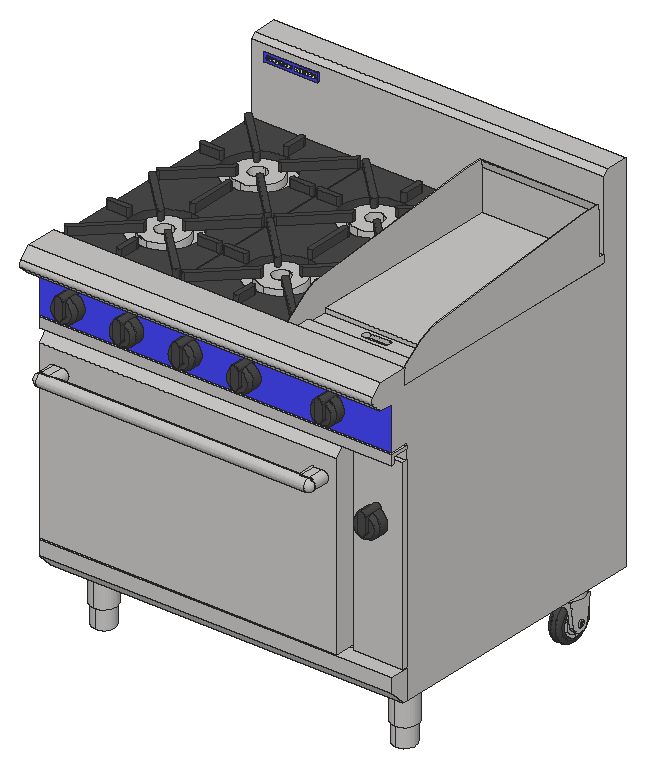
Revit family "QF_MOFFAT_BLUESEAL_CE_G506C", category Specialty Equipment, Revit 2012
Parameters
  Width = 900 mm  # constant formula
  Weight in Pounds = 460
  URL Cutsheet = "www.moffat.com"
  URL = "www.moffat.com"
  Type Mark [instance] = ""
  Status [instance] = ""
  Specification by User [instance] = ""
  Specification by Manufacturer = ""
  Show Logo [instance] = yes
  Show Clearance [instance] = yes
  Show Casters [instance] = yes
  Serial Number = ""
  Seismic Rating = ""
  SMACNA No = ""
  Revision Code [instance] = ""
  Omniclass Number and Title = ""
  NAFEM Spec ID Number = ""
  Model = "G506C"
  Mechanical Remarks = ""
  Mechanical Connection Type [instance] = ""
  Masterspec = ""
  Manufacturer = "MOFFAT BLUESEAL"
  Legs [instance] = not(Show Casters)  # no
  Item Number [instance] = ""
  Installed By [instance] = ""
  Identify Quantity as Lot [instance] = yes
  Height = 970 mm  # constant formula
  Gas Size = 3/4"
  Gas RI Height [instance] = 0 mm
  Gas KW [instance] = 45
  Gas Input [instance] = 153546.0 Btu/h
  Gas Connection Height = 0 mm
  Furnished By [instance] = ""
  Foodservice Equipment Identifier [instance] = yes
  Description = "900MM GAS RANGE WITH STATIC OVEN"
  Depth = 812 mm  # constant formula
  CSI MasterFormat = ""
  CSI Master Format = ""
  Body Finish = QF_Finishes_Stainless Steel
Reference planes
  plane 1 "BACK": y = 0
  plane 2: z = 0
  plane 3 "LEFT": x = 0
  plane 4 "RIGHT": x = 900
  plane 5 "FRONT": y = -812
  plane 6 "TOP": z = 970
  plane 7 "Center Y": x = 450
  plane 8 "Center X": y = -406
  plane 9: x = 280
  plane 10: y = -574.272
  plane 11: x = 60
  plane 12: y = -304.972
  plane 13: y = -364.972
  plane 14: x = 74
  plane 15: y = -812
  plane 16: x = 834.5
  plane 17: y = -32
  plane 18: z = 655
  plane 19: y = -100
  plane 20: z = 1085
  plane 21: y = -705
  plane 22: x = 65.8
  plane 23: x = 534.2
Forms (mm)
  Extrusion 1, solid, material "QF_Finishes_Stainless Steel" <- "Body Finish"
    sketch origin (0, 0, 0) x (0, 1, 0) y (0, 0, 1)
      loop
        line (0, 150) -> (0, 1085) -> (-57.5, 1085) -> (-70, 1072.5) -> (-70, 875) -> (-705, 875) -> (-705, 915) -> (-783.97, 915) -> (-808.476, 890.494)
        arc (-808.476, 890.494) -> (-811.994, 882) -> (-808.476, 873.506) r 12.013
        line (-808.476, 873.506) -> (-784.97, 850) -> (-749, 850) -> (-749, 740) -> (-699, 740) -> (-699, 150) -> (0, 150)
    from 0 to 900
  Extrusion 2, solid, material "QF_Finishes_Stainless Steel"
    sketch origin (0, 7, 0) x (0, 1, 0) y (0, 0, 1)
      loop
        line (-706, 700) -> (-732, 700) -> (-756, 676) -> (-756, 227.5) -> (-706, 227.5) -> (-706, 700)
    from 0 to 760
  Extrusion 3, solid, material "QF_Finishes_Stainless Steel"
    sketch origin (723.5, 7, 0) x (0, 1, 0) y (0, 0, 1)
      loop
        line (-706, 700) -> (-721, 700) -> (-721, 227.5) -> (-706, 227.5) -> (-706, 700)
    from 51.5 to 176.5
  Revolve 4, solid, material "QF_Finishes_Stainless Steel" <- "Body Finish"
    sketch origin (834.5, -696.126, 0) x (0, 1, 0) y (0, 0, -1)
      loop
        line (39.376, -150) -> (71.126, -150) -> (71.126, 0) -> (43.626, 0) -> (43.626, -50) -> (39.376, -50) -> (39.376, -150)
      axis (71.126, -150) -> (71.126, 0)
    angle from 0 to 360
  Revolve 5, solid, material "QF_Finishes_Stainless Steel" <- "Body Finish"
    sketch origin (65.5, -696.126, 0) x (0, 1, 0) y (0, 0, 1)
      loop
        line (39.376, 150) -> (39.376, 50) -> (43.626, 50) -> (43.626, 0) -> (71.126, 0) -> (71.126, 150) -> (39.376, 150)
      axis (71.126, 150) -> (71.126, 0)
    angle from 0 to 360
  Extrusion 6, solid, material "QF_Finishes_Stainless Steel"
    sketch origin (-64.5, 0, 325) x (1, 0, 0) y (0, 1, 0)
      loop
        circle (834.5, -32) r 10
    from 330 to 371
  Revolve 7, solid, material "QF_Finishes_Black"
    sketch origin (754.351, 45.874, -0.118) x (0, 1, 0) y (0, 0, 1)
      loop
        line (-827.874, 829.5) -> (-838.874, 823.651) -> (-838.874, 797) -> (-794.874, 797) -> (-794.874, 802) -> (-804.874, 802) -> (-804.874, 829.5) -> (-827.874, 829.5)
      axis (-838.874, 797) -> (-794.874, 797)
    angle from 0 to 360
  Revolve 8, solid, material "QF_Finishes_Black"
    sketch origin (90.649, 45.874, -0.118) x (0, 1, 0) y (0, 0, -1)
      loop
        line (-827.874, -829.5) -> (-804.874, -829.5) -> (-804.874, -802) -> (-794.874, -802) -> (-794.874, -797) -> (-838.874, -797) -> (-838.874, -823.651) -> (-827.874, -829.5)
      axis (-838.874, -797) -> (-794.874, -797)
    angle from 0 to 360
  Revolve 9, solid, material "QF_Finishes_Black"
    sketch origin (240.649, 45.874, -0.118) x (0, 1, 0) y (0, 0, -1)
      loop
        line (-827.874, -829.5) -> (-804.874, -829.5) -> (-804.874, -802) -> (-794.874, -802) -> (-794.874, -797) -> (-838.874, -797) -> (-838.874, -823.651) -> (-827.874, -829.5)
      axis (-838.874, -797) -> (-794.874, -797)
    angle from 0 to 360
  Revolve 10, solid, material "QF_Finishes_Black"
    sketch origin (390.625, 45.874, -0.118) x (0, 1, 0) y (0, 0, -1)
      loop
        line (-827.874, -829.5) -> (-804.874, -829.5) -> (-804.874, -802) -> (-794.874, -802) -> (-794.874, -797) -> (-838.874, -797) -> (-838.874, -823.651) -> (-827.874, -829.5)
      axis (-838.874, -797) -> (-794.874, -797)
    angle from 0 to 360
  Extrusion 11, solid, material "QF_Finishes_Black"
    sketch origin (238.456, 7, -0.118) x (-1, 0, 0) y (0, 0, -1)
      loop
        arc (158.3, -789) -> (148.3, -779) -> (138.3, -789) r 10
        line (138.3, -789) -> (138.3, -824)
        arc (138.3, -824) -> (148.3, -834) -> (158.3, -824) r 10
        line (158.3, -824) -> (158.3, -789)
    from 759 to 808
  Extrusion 12, solid, material "QF_Finishes_Black"
    sketch origin (388.456, 7, -0.118) x (-1, 0, 0) y (0, 0, -1)
      loop
        arc (158.3, -789) -> (148.3, -779) -> (138.3, -789) r 10
        line (138.3, -789) -> (138.3, -824)
        arc (138.3, -824) -> (148.3, -834) -> (158.3, -824) r 10
        line (158.3, -824) -> (158.3, -789)
    from 759 to 808
  Extrusion 13, solid, material "QF_Finishes_Black"
    sketch origin (606.544, 7, -0.118) x (1, 0, 0) y (0, 0, 1)
      loop
        line (158.3, 789) -> (158.3, 824)
        arc (158.3, 824) -> (148.3, 834) -> (138.3, 824) r 10
        line (138.3, 824) -> (138.3, 789)
        arc (138.3, 789) -> (148.3, 779) -> (158.3, 789) r 10
    from 759 to 808
  Extrusion 14, solid, material "QF_Finishes_Black"
    sketch origin (538.432, 7, -0.118) x (-1, 0, 0) y (0, 0, -1)
      loop
        arc (158.3, -789) -> (148.3, -779) -> (138.3, -789) r 10
        line (138.3, -789) -> (138.3, -824)
        arc (138.3, -824) -> (148.3, -834) -> (158.3, -824) r 10
        line (158.3, -824) -> (158.3, -789)
    from 759 to 808
  Extrusion 15, solid, material "QF_Finishes_Black"
    sketch origin (688.432, 7, -0.118) x (-1, 0, 0) y (0, 0, -1)
      loop
        arc (158.3, -789) -> (148.3, -779) -> (138.3, -789) r 10
        line (138.3, -789) -> (138.3, -824)
        arc (138.3, -824) -> (148.3, -834) -> (158.3, -824) r 10
        line (158.3, -824) -> (158.3, -789)
    from 759 to 808
  Revolve 16, solid, material "QF_Finishes_Black"
    sketch origin (836.851, 80.874, -245.743) x (0, 1, 0) y (0, 0, 1)
      loop
        line (-827.874, 829.5) -> (-838.874, 823.651) -> (-838.874, 797) -> (-794.874, 797) -> (-794.874, 802) -> (-804.874, 802) -> (-804.874, 829.5) -> (-827.874, 829.5)
      axis (-838.874, 797) -> (-794.874, 797)
    angle from 0 to 360
  Extrusion 17, solid, material "QF_Finishes_Black"
    sketch origin (689.044, 42, -245.743) x (1, 0, 0) y (0, 0, 1)
      loop
        line (158.3, 789) -> (158.3, 824)
        arc (158.3, 824) -> (148.3, 834) -> (138.3, 824) r 10
        line (138.3, 824) -> (138.3, 789)
        arc (138.3, 789) -> (148.3, 779) -> (158.3, 789) r 10
    from 759 to 808
  Extrusion 18, solid, material "QF_Door-Drawer Clearances", visible <- "Show Clearance", detail levels coarse
    sketch origin (0, 7, 0) x (0, -1, 0) y (0, 0, 1)
      loop
        line (756, 697.347) -> (756, 227.5) -> (1225.847, 227.5)
        arc (1225.847, 227.5) -> (1088.232, 559.732) -> (756, 697.347) r 469.847
    from 0 to -760
  Extrusion 19, void
    sketch origin (0, 0, 220) x (1, 0, 0) y (0, 1, 0)
      loop
        line (824, -87) -> (824, 0) -> (694, 0) -> (694, -39) -> (744, -87) -> (824, -87)
    from 0 to 476
  Revolve 20, solid, material "QF_Finishes_Black"
    sketch origin (540.625, 45.874, -0.118) x (0, 1, 0) y (0, 0, -1)
      loop
        line (-827.874, -829.5) -> (-804.874, -829.5) -> (-804.874, -802) -> (-794.874, -802) -> (-794.874, -797) -> (-838.874, -797) -> (-838.874, -823.651) -> (-827.874, -829.5)
      axis (-838.874, -797) -> (-794.874, -797)
    angle from 0 to 360
  Extrusion 21, solid, material "QF_Finishes_Stainless Steel"
    sketch origin (0, -749, 227.5) x (0, 0, 1) y (-1, 0, 0)
      loop
        line (380.625, -38.246) -> (380.625, -58.528)
        arc (380.625, -58.528) -> (395.625, -73.528) -> (410.625, -58.528) r 15
        line (410.625, -58.528) -> (410.625, -38.246)
        arc (410.625, -38.246) -> (395.625, -23.246) -> (380.625, -38.246) r 15
      loop
        arc (380.625, -723.039) -> (395.625, -738.039) -> (410.625, -723.039) r 15
        line (410.625, -723.039) -> (410.625, -702.757)
        arc (410.625, -702.757) -> (395.625, -687.757) -> (380.625, -702.757) r 15
        line (380.625, -702.757) -> (380.625, -723.039)
    from 0 to 44
  Revolve 22, solid, material "QF_Finishes_Stainless Steel"
    sketch origin (0, -793, 0) x (1, 0, 0) y (0, 0, 1)
      loop
        arc (738.039, 623.125) -> (733.646, 633.732) -> (723.039, 638.125) r 15
        line (723.039, 638.125) -> (38.246, 638.125)
        arc (38.246, 638.125) -> (27.64, 633.732) -> (23.246, 623.125) r 15
        line (23.246, 623.125) -> (738.039, 623.125)
      axis (738.039, 623.125) -> (23.246, 623.125)
    angle from 0 to 360
  Extrusion 23, solid, material "QF_Finishes_Stainless Steel" <- "Body Finish"
    sketch origin (0, 7, 0) x (0, 1, 0) y (0, 0, 1)
      loop
        line (-756, 710) -> (-747.224, 710) -> (-749.613, 726.999) -> (-707.93, 726.999) -> (-707.93, 734.003) -> (-756, 734.003) -> (-756, 710)
    from 0 to 900
  Extrusion 24, solid, material "QF_Finishes_Stainless Steel" <- "Body Finish"
    sketch origin (0, 4.73, 0) x (0, 1, 0) y (0, 0, 1)
      loop
        line (-753.73, 222.5) -> (-753.73, 186) -> (-717.73, 150) -> (-703.73, 150) -> (-703.73, 222.5) -> (-753.73, 222.5)
    from 0 to 900
  Extrusion 25, solid, material "QF_Finishes_Stainless Steel", visible <- "Show Casters"
    sketch origin (71.501, 133.353, -8.783) x (0, 1, 0) y (0, 0, 1)
      loop
        line (-201.603, 118.783) -> (-265.103, 118.783) -> (-252.746, 53.895)
        arc (-252.746, 53.895) -> (-233.353, 38.783) -> (-213.959, 53.895) r 20
        line (-213.959, 53.895) -> (-201.603, 118.783)
    from -35.667 to 22.923
  Revolve 26, solid, material "QF_Finishes_Stainless Steel", visible <- "Show Casters"
    sketch origin (65, -203, 0) x (0, 1, 0) y (0, 0, 1)
      loop
        line (67.25, 150) -> (67.25, 110) -> (103, 110) -> (103, 150) -> (67.25, 150)
      axis (103, 150) -> (103, 110)
    angle from 0 to 360
  Revolve 27, solid, material "QF_Finishes_Stainless Steel", visible <- "Show Casters"
    sketch origin (834.5, -203, 0) x (0, 1, 0) y (0, 0, -1)
      loop
        line (67.25, -150) -> (103, -150) -> (103, -110) -> (67.25, -110) -> (67.25, -150)
      axis (103, -150) -> (103, -110)
    angle from 0 to 360
  Revolve 28, solid, material "QF_Finishes_Stainless Steel", visible <- "Show Casters"
    sketch origin (785.276, -99.755, -13.653) x (1, 0, 0) y (0, 0, 1)
      loop
        line (14.841, 64.453) -> (83.584, 64.453) -> (83.584, 67.958) -> (82.314, 69.228) -> (80.79, 69.228) -> (80.79, 72.674) -> (68.644, 72.674) -> (68.644, 82.639) -> (65.088, 84.692) -> (63.738, 93.028) -> (65.881, 93.028) -> (65.881, 99.378) -> (65.088, 99.378) -> (65.088, 105.728)
        arc (65.088, 105.728) -> (62.298, 112.463) -> (55.563, 115.253) r 9.525
        line (55.563, 115.253) -> (42.863, 115.253)
        arc (42.863, 115.253) -> (36.127, 112.463) -> (33.338, 105.728) r 9.525
        line (33.338, 105.728) -> (33.338, 99.378) -> (32.544, 99.378) -> (32.544, 93.028) -> (34.687, 93.028) -> (33.352, 84.781) -> (29.782, 82.719) -> (29.782, 72.674) -> (17.635, 72.674) -> (17.635, 69.228) -> (16.111, 69.228) -> (14.841, 67.958) -> (14.841, 64.453)
      axis (14.841, 64.453) -> (83.584, 64.453)
    angle from 0 to 360
  Extrusion 29, solid, material "QF_Finishes_Stainless Steel", visible <- "Show Casters"
    sketch origin (841.001, 133.353, -8.783) x (0, 1, 0) y (0, 0, 1)
      loop
        line (-201.603, 118.783) -> (-265.103, 118.783) -> (-252.746, 53.895)
        arc (-252.746, 53.895) -> (-233.353, 38.783) -> (-213.959, 53.895) r 20
        line (-213.959, 53.895) -> (-201.603, 118.783)
    from -35.667 to 22.923
  Revolve 30, solid, material "QF_Finishes_Stainless Steel", visible <- "Legs"
    sketch origin (65, -165, 0) x (0, 1, 0) y (0, 0, 1)
      loop
        line (33.25, 150) -> (33.25, 50) -> (37.5, 50) -> (37.5, 0) -> (65, 0) -> (65, 150) -> (33.25, 150)
      axis (65, 150) -> (65, 0)
    angle from 0 to 360
  Revolve 31, solid, material "QF_Finishes_Stainless Steel", visible <- "Legs"
    sketch origin (834.5, -165, 0) x (0, 1, 0) y (0, 0, -1)
      loop
        line (33.25, -150) -> (65, -150) -> (65, 0) -> (37.5, 0) -> (37.5, -50) -> (33.25, -50) -> (33.25, -150)
      axis (65, -150) -> (65, 0)
    angle from 0 to 360
  Revolve 32, solid, material "QF_Finishes_Stainless Steel", visible <- "Show Casters"
    sketch origin (114.224, -99.755, -13.653) x (-1, 0, 0) y (0, 0, -1)
      loop
        line (14.841, -64.453) -> (14.841, -67.958) -> (16.111, -69.228) -> (17.635, -69.228) -> (17.635, -72.674) -> (29.782, -72.674) -> (29.782, -82.719) -> (33.352, -84.781) -> (34.687, -93.028) -> (32.544, -93.028) -> (32.544, -99.378) -> (33.338, -99.378) -> (33.338, -105.728)
        arc (33.338, -105.728) -> (36.127, -112.463) -> (42.863, -115.253) r 9.525
        line (42.863, -115.253) -> (55.563, -115.253)
        arc (55.563, -115.253) -> (62.298, -112.463) -> (65.088, -105.728) r 9.525
        line (65.088, -105.728) -> (65.088, -99.378) -> (65.881, -99.378) -> (65.881, -93.028) -> (63.738, -93.028) -> (65.088, -84.692) -> (68.644, -82.639) -> (68.644, -72.674) -> (80.79, -72.674) -> (80.79, -69.228) -> (82.314, -69.228) -> (83.584, -67.958) -> (83.584, -64.453) -> (14.841, -64.453)
      axis (14.841, -64.453) -> (83.584, -64.453)
    angle from 0 to 360
  Extrusion 33, solid, material "QF_Finishes_Black"
    sketch origin (0, -70, 875) x (0, -1, 0) y (1, 0, 0)
      loop
        arc (1, 4) -> (1.879, 1.879) -> (4, 1) r 3
        line (4, 1) -> (632, 1)
        arc (632, 1) -> (634.121, 1.879) -> (635, 4) r 3
        line (635, 4) -> (635, 297)
        arc (635, 297) -> (634.121, 299.121) -> (632, 300) r 3
        line (632, 300) -> (4, 300)
        arc (4, 300) -> (1.879, 299.121) -> (1, 297) r 3
        line (1, 297) -> (1, 4)
      loop
        circle (167.5, 150) r 85
      loop
        circle (467.768, 150) r 85
    from 0 to 19.5
  Extrusion 34, solid, material "QF_Finishes_Black"
    sketch origin (0, -73.5, 894.5) x (0, -1, 0) y (1, 0, 0)
      loop
        spline (323.602, 15.153) -> (322.681, 13.924) -> (322.131, 12.47) -> (321.99, 10.89) -> (322.267, 9.292) -> (322.943, 7.786) -> (323.973, 6.473) -> (325.286, 5.443) -> (326.792, 4.767) -> (328.39, 4.49) -> (329.97, 4.631) -> (331.424, 5.181) -> (332.653, 6.102)
        line (332.653, 6.102) -> (440.576, 114.025)
        spline (440.576, 114.025) -> (441.337, 115.095) -> (441.738, 116.399) -> (441.751, 117.851) -> (441.375, 119.35) -> (440.637, 120.795) -> (439.586, 122.086) -> (438.295, 123.137) -> (436.85, 123.875) -> (435.351, 124.251) -> (433.899, 124.238) -> (432.595, 123.837) -> (431.525, 123.076)
        line (431.525, 123.076) -> (323.602, 15.153)
      loop
        spline (371.852, 143.6) -> (373.146, 143.818) -> (374.352, 144.457) -> (375.388, 145.475) -> (376.182, 146.8) -> (376.682, 148.344) -> (376.852, 150) -> (376.682, 151.656) -> (376.182, 153.2) -> (375.388, 154.525) -> (374.352, 155.543) -> (373.146, 156.182) -> (371.852, 156.4)
        line (371.852, 156.4) -> (259.398, 156.4)
        spline (259.398, 156.4) -> (258.104, 156.182) -> (256.898, 155.543) -> (255.862, 154.525) -> (255.068, 153.2) -> (254.568, 151.656) -> (254.398, 150) -> (254.568, 148.344) -> (255.068, 146.8) -> (255.862, 145.475) -> (256.898, 144.457) -> (258.104, 143.818) -> (259.398, 143.6)
        line (259.398, 143.6) -> (371.852, 143.6)
      loop
        line (311.398, 15.153) -> (203.475, 123.076)
        spline (203.475, 123.076) -> (202.405, 123.837) -> (201.101, 124.238) -> (199.649, 124.251) -> (198.15, 123.875) -> (196.705, 123.137) -> (195.414, 122.086) -> (194.363, 120.795) -> (193.625, 119.35) -> (193.249, 117.851) -> (193.262, 116.399) -> (193.663, 115.095) -> (194.424, 114.025)
        line (194.424, 114.025) -> (302.347, 6.102)
        spline (302.347, 6.102) -> (303.416, 5.341) -> (304.721, 4.941) -> (306.172, 4.928) -> (307.671, 5.303) -> (309.116, 6.041) -> (310.408, 7.092) -> (311.459, 8.384) -> (312.197, 9.829) -> (312.572, 11.328) -> (312.559, 12.779) -> (312.159, 14.084) -> (311.398, 15.153)
      loop
        line (323.602, 284.847) -> (431.525, 176.924)
        spline (431.525, 176.924) -> (432.595, 176.163) -> (433.899, 175.762) -> (435.351, 175.749) -> (436.85, 176.125) -> (438.295, 176.863) -> (439.586, 177.914) -> (440.637, 179.205) -> (441.375, 180.65) -> (441.751, 182.149) -> (441.738, 183.601) -> (441.337, 184.905) -> (440.576, 185.975)
        line (440.576, 185.975) -> (332.653, 293.898)
        spline (332.653, 293.898) -> (331.424, 294.819) -> (329.97, 295.369) -> (328.39, 295.51) -> (326.792, 295.233) -> (325.286, 294.557) -> (323.973, 293.527) -> (322.943, 292.214) -> (322.267, 290.708) -> (321.99, 289.11) -> (322.131, 287.53) -> (322.681, 286.076) -> (323.602, 284.847)
      loop
        spline (311.398, 284.847) -> (312.159, 285.916) -> (312.559, 287.221) -> (312.572, 288.672) -> (312.197, 290.171) -> (311.459, 291.616) -> (310.408, 292.908) -> (309.116, 293.959) -> (307.671, 294.697) -> (306.172, 295.072) -> (304.721, 295.059) -> (303.416, 294.659) -> (302.347, 293.898)
        line (302.347, 293.898) -> (194.424, 185.975)
        spline (194.424, 185.975) -> (193.663, 184.905) -> (193.262, 183.601) -> (193.249, 182.149) -> (193.625, 180.65) -> (194.363, 179.205) -> (195.414, 177.914) -> (196.705, 176.863) -> (198.15, 176.125) -> (199.649, 175.749) -> (201.101, 175.762) -> (202.405, 176.163) -> (203.475, 176.924)
        line (203.475, 176.924) -> (311.398, 284.847)
      loop
        spline (73.549, 143.6) -> (74.844, 143.818) -> (76.049, 144.457) -> (77.085, 145.475) -> (77.88, 146.8) -> (78.379, 148.344) -> (78.549, 150) -> (78.379, 151.656) -> (77.88, 153.2) -> (77.085, 154.525) -> (76.049, 155.543) -> (74.844, 156.182) -> (73.549, 156.4)
        line (73.549, 156.4) -> (25.093, 156.4)
        spline (25.093, 156.4) -> (23.799, 156.182) -> (22.593, 155.543) -> (21.558, 154.525) -> (20.763, 153.2) -> (20.264, 151.656) -> (20.093, 150) -> (20.264, 148.344) -> (20.763, 146.8) -> (21.558, 145.475) -> (22.593, 144.457) -> (23.799, 143.818) -> (25.093, 143.6)
        line (25.093, 143.6) -> (73.549, 143.6)
      loop
        spline (608.1, 143.6) -> (609.394, 143.818) -> (610.6, 144.457) -> (611.636, 145.475) -> (612.43, 146.8) -> (612.93, 148.344) -> (613.1, 150) -> (612.93, 151.656) -> (612.43, 153.2) -> (611.636, 154.525) -> (610.6, 155.543) -> (609.394, 156.182) -> (608.1, 156.4)
        line (608.1, 156.4) -> (558.644, 156.4)
        spline (558.644, 156.4) -> (557.35, 156.182) -> (556.144, 155.543) -> (555.108, 154.525) -> (554.314, 153.2) -> (553.814, 151.656) -> (553.644, 150) -> (553.814, 148.344) -> (554.314, 146.8) -> (555.108, 145.475) -> (556.144, 144.457) -> (557.35, 143.818) -> (558.644, 143.6)
        line (558.644, 143.6) -> (608.1, 143.6)
      loop
        spline (457.6, 10.156) -> (457.818, 8.862) -> (458.457, 7.656) -> (459.475, 6.62) -> (460.8, 5.826) -> (462.344, 5.326) -> (464, 5.156) -> (465.656, 5.326) -> (467.2, 5.826) -> (468.525, 6.62) -> (469.543, 7.656) -> (470.182, 8.862) -> (470.4, 10.156)
        line (470.4, 10.156) -> (470.4, 58.612)
        spline (470.4, 58.612) -> (470.182, 59.906) -> (469.543, 61.112) -> (468.525, 62.148) -> (467.2, 62.942) -> (465.656, 63.442) -> (464, 63.612) -> (462.344, 63.442) -> (460.8, 62.942) -> (459.475, 62.148) -> (458.457, 61.112) -> (457.818, 59.906) -> (457.6, 58.612)
        line (457.6, 58.612) -> (457.6, 10.156)
      loop
        spline (160.966, 10.156) -> (161.184, 8.862) -> (161.823, 7.656) -> (162.841, 6.62) -> (164.166, 5.826) -> (165.71, 5.326) -> (167.366, 5.156) -> (169.022, 5.326) -> (170.566, 5.826) -> (171.892, 6.62) -> (172.909, 7.656) -> (173.548, 8.862) -> (173.766, 10.156)
        line (173.766, 10.156) -> (173.766, 58.612)
        spline (173.766, 58.612) -> (173.548, 59.906) -> (172.909, 61.112) -> (171.892, 62.148) -> (170.566, 62.942) -> (169.022, 63.442) -> (167.366, 63.612) -> (165.71, 63.442) -> (164.166, 62.942) -> (162.841, 62.148) -> (161.823, 61.112) -> (161.184, 59.906) -> (160.966, 58.612)
        line (160.966, 58.612) -> (160.966, 10.156)
      loop
        spline (457.6, 241.636) -> (457.818, 240.342) -> (458.457, 239.136) -> (459.475, 238.1) -> (460.8, 237.306) -> (462.344, 236.806) -> (464, 236.636) -> (465.656, 236.806) -> (467.2, 237.306) -> (468.525, 238.1) -> (469.543, 239.136) -> (470.182, 240.342) -> (470.4, 241.636)
        line (470.4, 241.636) -> (470.4, 290.092)
        spline (470.4, 290.092) -> (470.182, 291.386) -> (469.543, 292.592) -> (468.525, 293.628) -> (467.2, 294.422) -> (465.656, 294.922) -> (464, 295.092) -> (462.344, 294.922) -> (460.8, 294.422) -> (459.475, 293.628) -> (458.457, 292.592) -> (457.818, 291.386) -> (457.6, 290.092)
        line (457.6, 290.092) -> (457.6, 241.636)
      loop
        spline (160.966, 241.636) -> (161.184, 240.342) -> (161.823, 239.136) -> (162.841, 238.1) -> (164.166, 237.306) -> (165.71, 236.806) -> (167.366, 236.636) -> (169.022, 236.806) -> (170.566, 237.306) -> (171.892, 238.1) -> (172.909, 239.136) -> (173.548, 240.342) -> (173.766, 241.636)
        line (173.766, 241.636) -> (173.766, 290.092)
        spline (173.766, 290.092) -> (173.548, 291.386) -> (172.909, 292.592) -> (171.892, 293.628) -> (170.566, 294.422) -> (169.022, 294.922) -> (167.366, 295.092) -> (165.71, 294.922) -> (164.166, 294.422) -> (162.841, 293.628) -> (161.823, 292.592) -> (161.184, 291.386) -> (160.966, 290.092)
        line (160.966, 290.092) -> (160.966, 241.636)
      loop
        line (604.398, 15.153) -> (496.475, 123.076)
        spline (496.475, 123.076) -> (495.405, 123.837) -> (494.101, 124.238) -> (492.649, 124.251) -> (491.15, 123.875) -> (489.705, 123.137) -> (488.414, 122.086) -> (487.363, 120.795) -> (486.625, 119.35) -> (486.249, 117.851) -> (486.262, 116.399) -> (486.663, 115.095) -> (487.424, 114.025)
        line (487.424, 114.025) -> (595.347, 6.102)
        spline (595.347, 6.102) -> (596.576, 5.181) -> (598.03, 4.631) -> (599.61, 4.49) -> (601.208, 4.767) -> (602.714, 5.443) -> (604.027, 6.473) -> (605.057, 7.786) -> (605.733, 9.292) -> (606.01, 10.89) -> (605.869, 12.47) -> (605.319, 13.924) -> (604.398, 15.153)
      loop
        spline (604.398, 284.847) -> (605.319, 286.076) -> (605.869, 287.53) -> (606.01, 289.11) -> (605.733, 290.708) -> (605.057, 292.214) -> (604.027, 293.527) -> (602.714, 294.557) -> (601.208, 295.233) -> (599.61, 295.51) -> (598.03, 295.369) -> (596.576, 294.819) -> (595.347, 293.898)
        line (595.347, 293.898) -> (487.424, 185.975)
        spline (487.424, 185.975) -> (486.663, 184.905) -> (486.262, 183.601) -> (486.249, 182.149) -> (486.625, 180.65) -> (487.363, 179.205) -> (488.414, 177.914) -> (489.705, 176.863) -> (491.15, 176.125) -> (492.649, 175.749) -> (494.101, 175.762) -> (495.405, 176.163) -> (496.475, 176.924)
        line (496.475, 176.924) -> (604.398, 284.847)
      loop
        spline (16.602, 15.153) -> (15.841, 14.084) -> (15.441, 12.779) -> (15.428, 11.328) -> (15.803, 9.829) -> (16.541, 8.384) -> (17.592, 7.092) -> (18.884, 6.041) -> (20.329, 5.303) -> (21.828, 4.928) -> (23.279, 4.941) -> (24.584, 5.341) -> (25.653, 6.102)
        line (25.653, 6.102) -> (133.576, 114.025)
        spline (133.576, 114.025) -> (134.337, 115.095) -> (134.738, 116.399) -> (134.751, 117.851) -> (134.375, 119.35) -> (133.637, 120.795) -> (132.586, 122.086) -> (131.295, 123.137) -> (129.85, 123.875) -> (128.351, 124.251) -> (126.899, 124.238) -> (125.595, 123.837) -> (124.525, 123.076)
        line (124.525, 123.076) -> (16.602, 15.153)
      loop
        line (16.602, 284.847) -> (124.525, 176.924)
        spline (124.525, 176.924) -> (125.595, 176.163) -> (126.899, 175.762) -> (128.351, 175.749) -> (129.85, 176.125) -> (131.295, 176.863) -> (132.586, 177.914) -> (133.637, 179.205) -> (134.375, 180.65) -> (134.751, 182.149) -> (134.738, 183.601) -> (134.337, 184.905) -> (133.576, 185.975)
        line (133.576, 185.975) -> (25.653, 293.898)
        spline (25.653, 293.898) -> (24.584, 294.659) -> (23.279, 295.059) -> (21.828, 295.072) -> (20.329, 294.697) -> (18.884, 293.959) -> (17.592, 292.908) -> (16.541, 291.616) -> (15.803, 290.171) -> (15.428, 288.672) -> (15.441, 287.221) -> (15.841, 285.916) -> (16.602, 284.847)
      loop
        line (323.602, 584.847) -> (431.525, 476.924)
        spline (431.525, 476.924) -> (432.595, 476.163) -> (433.899, 475.762) -> (435.351, 475.749) -> (436.85, 476.125) -> (438.295, 476.863) -> (439.586, 477.914) -> (440.637, 479.205) -> (441.375, 480.65) -> (441.751, 482.149) -> (441.738, 483.601) -> (441.337, 484.905) -> (440.576, 485.975)
        line (440.576, 485.975) -> (332.653, 593.898)
        spline (332.653, 593.898) -> (331.424, 594.819) -> (329.97, 595.369) -> (328.39, 595.51) -> (326.792, 595.233) -> (325.286, 594.557) -> (323.973, 593.527) -> (322.943, 592.214) -> (322.267, 590.708) -> (321.99, 589.11) -> (322.131, 587.53) -> (322.681, 586.076) -> (323.602, 584.847)
      loop
        line (371.852, 456.4) -> (259.398, 456.4)
        spline (259.398, 456.4) -> (258.104, 456.182) -> (256.898, 455.543) -> (255.862, 454.525) -> (255.068, 453.2) -> (254.568, 451.656) -> (254.398, 450) -> (254.568, 448.344) -> (255.068, 446.8) -> (255.862, 445.475) -> (256.898, 444.457) -> (258.104, 443.818) -> (259.398, 443.6)
        line (259.398, 443.6) -> (371.852, 443.6)
        spline (371.852, 443.6) -> (373.146, 443.818) -> (374.352, 444.457) -> (375.388, 445.475) -> (376.182, 446.8) -> (376.682, 448.344) -> (376.852, 450) -> (376.682, 451.656) -> (376.182, 453.2) -> (375.388, 454.525) -> (374.352, 455.543) -> (373.146, 456.182) -> (371.852, 456.4)
      loop
        spline (311.398, 584.847) -> (312.159, 585.916) -> (312.559, 587.221) -> (312.572, 588.672) -> (312.197, 590.171) -> (311.459, 591.616) -> (310.408, 592.908) -> (309.116, 593.959) -> (307.671, 594.697) -> (306.172, 595.072) -> (304.721, 595.059) -> (303.416, 594.659) -> (302.347, 593.898)
        line (302.347, 593.898) -> (194.424, 485.975)
        spline (194.424, 485.975) -> (193.663, 484.905) -> (193.262, 483.601) -> (193.249, 482.149) -> (193.625, 480.65) -> (194.363, 479.205) -> (195.414, 477.914) -> (196.705, 476.863) -> (198.15, 476.125) -> (199.649, 475.749) -> (201.101, 475.762) -> (202.405, 476.163) -> (203.475, 476.924)
        line (203.475, 476.924) -> (311.398, 584.847)
      loop
        spline (323.602, 315.153) -> (322.681, 313.924) -> (322.131, 312.47) -> (321.99, 310.89) -> (322.267, 309.292) -> (322.943, 307.786) -> (323.973, 306.473) -> (325.286, 305.443) -> (326.792, 304.767) -> (328.39, 304.49) -> (329.97, 304.631) -> (331.424, 305.181) -> (332.653, 306.102)
        line (332.653, 306.102) -> (440.576, 414.025)
        spline (440.576, 414.025) -> (441.337, 415.095) -> (441.738, 416.399) -> (441.751, 417.851) -> (441.375, 419.35) -> (440.637, 420.795) -> (439.586, 422.086) -> (438.295, 423.137) -> (436.85, 423.875) -> (435.351, 424.251) -> (433.899, 424.238) -> (432.595, 423.837) -> (431.525, 423.076)
        line (431.525, 423.076) -> (323.602, 315.153)
      loop
        line (311.398, 315.153) -> (203.475, 423.076)
        spline (203.475, 423.076) -> (202.405, 423.837) -> (201.101, 424.238) -> (199.649, 424.251) -> (198.15, 423.875) -> (196.705, 423.137) -> (195.414, 422.086) -> (194.363, 420.795) -> (193.625, 419.35) -> (193.249, 417.851) -> (193.262, 416.399) -> (193.663, 415.095) -> (194.424, 414.025)
        line (194.424, 414.025) -> (302.347, 306.102)
        spline (302.347, 306.102) -> (303.416, 305.341) -> (304.721, 304.941) -> (306.172, 304.928) -> (307.671, 305.303) -> (309.116, 306.041) -> (310.408, 307.092) -> (311.459, 308.384) -> (312.197, 309.829) -> (312.572, 311.328) -> (312.559, 312.779) -> (312.159, 314.084) -> (311.398, 315.153)
      loop
        line (73.549, 456.4) -> (25.093, 456.4)
        spline (25.093, 456.4) -> (23.799, 456.182) -> (22.593, 455.543) -> (21.558, 454.525) -> (20.763, 453.2) -> (20.264, 451.656) -> (20.093, 450) -> (20.264, 448.344) -> (20.763, 446.8) -> (21.558, 445.475) -> (22.593, 444.457) -> (23.799, 443.818) -> (25.093, 443.6)
        line (25.093, 443.6) -> (73.549, 443.6)
        spline (73.549, 443.6) -> (74.844, 443.818) -> (76.049, 444.457) -> (77.085, 445.475) -> (77.88, 446.8) -> (78.379, 448.344) -> (78.549, 450) -> (78.379, 451.656) -> (77.88, 453.2) -> (77.085, 454.525) -> (76.049, 455.543) -> (74.844, 456.182) -> (73.549, 456.4)
      loop
        line (608.1, 456.4) -> (558.644, 456.4)
        spline (558.644, 456.4) -> (557.35, 456.182) -> (556.144, 455.543) -> (555.108, 454.525) -> (554.314, 453.2) -> (553.814, 451.656) -> (553.644, 450) -> (553.814, 448.344) -> (554.314, 446.8) -> (555.108, 445.475) -> (556.144, 444.457) -> (557.35, 443.818) -> (558.644, 443.6)
        line (558.644, 443.6) -> (608.1, 443.6)
        spline (608.1, 443.6) -> (609.394, 443.818) -> (610.6, 444.457) -> (611.636, 445.475) -> (612.43, 446.8) -> (612.93, 448.344) -> (613.1, 450) -> (612.93, 451.656) -> (612.43, 453.2) -> (611.636, 454.525) -> (610.6, 455.543) -> (609.394, 456.182) -> (608.1, 456.4)
      loop
        line (457.6, 589.844) -> (457.6, 541.388)
        spline (457.6, 541.388) -> (457.818, 540.094) -> (458.457, 538.888) -> (459.475, 537.852) -> (460.8, 537.058) -> (462.344, 536.558) -> (464, 536.388) -> (465.656, 536.558) -> (467.2, 537.058) -> (468.525, 537.852) -> (469.543, 538.888) -> (470.182, 540.094) -> (470.4, 541.388)
        line (470.4, 541.388) -> (470.4, 589.844)
        spline (470.4, 589.844) -> (470.182, 591.138) -> (469.543, 592.344) -> (468.525, 593.38) -> (467.2, 594.174) -> (465.656, 594.674) -> (464, 594.844) -> (462.344, 594.674) -> (460.8, 594.174) -> (459.475, 593.38) -> (458.457, 592.344) -> (457.818, 591.138) -> (457.6, 589.844)
      loop
        line (160.966, 589.844) -> (160.966, 541.388)
        spline (160.966, 541.388) -> (161.184, 540.094) -> (161.823, 538.888) -> (162.841, 537.852) -> (164.166, 537.058) -> (165.71, 536.558) -> (167.366, 536.388) -> (169.022, 536.558) -> (170.566, 537.058) -> (171.892, 537.852) -> (172.909, 538.888) -> (173.548, 540.094) -> (173.766, 541.388)
        line (173.766, 541.388) -> (173.766, 589.844)
        spline (173.766, 589.844) -> (173.548, 591.138) -> (172.909, 592.344) -> (171.892, 593.38) -> (170.566, 594.174) -> (169.022, 594.674) -> (167.366, 594.844) -> (165.71, 594.674) -> (164.166, 594.174) -> (162.841, 593.38) -> (161.823, 592.344) -> (161.184, 591.138) -> (160.966, 589.844)
      loop
        line (457.6, 358.364) -> (457.6, 309.908)
        spline (457.6, 309.908) -> (457.818, 308.614) -> (458.457, 307.408) -> (459.475, 306.372) -> (460.8, 305.578) -> (462.344, 305.078) -> (464, 304.908) -> (465.656, 305.078) -> (467.2, 305.578) -> (468.525, 306.372) -> (469.543, 307.408) -> (470.182, 308.614) -> (470.4, 309.908)
        line (470.4, 309.908) -> (470.4, 358.364)
        spline (470.4, 358.364) -> (470.182, 359.658) -> (469.543, 360.864) -> (468.525, 361.9) -> (467.2, 362.694) -> (465.656, 363.194) -> (464, 363.364) -> (462.344, 363.194) -> (460.8, 362.694) -> (459.475, 361.9) -> (458.457, 360.864) -> (457.818, 359.658) -> (457.6, 358.364)
      loop
        line (160.966, 358.364) -> (160.966, 309.908)
        spline (160.966, 309.908) -> (161.184, 308.614) -> (161.823, 307.408) -> (162.841, 306.372) -> (164.166, 305.578) -> (165.71, 305.078) -> (167.366, 304.908) -> (169.022, 305.078) -> (170.566, 305.578) -> (171.892, 306.372) -> (172.909, 307.408) -> (173.548, 308.614) -> (173.766, 309.908)
        line (173.766, 309.908) -> (173.766, 358.364)
        spline (173.766, 358.364) -> (173.548, 359.658) -> (172.909, 360.864) -> (171.892, 361.9) -> (170.566, 362.694) -> (169.022, 363.194) -> (167.366, 363.364) -> (165.71, 363.194) -> (164.166, 362.694) -> (162.841, 361.9) -> (161.823, 360.864) -> (161.184, 359.658) -> (160.966, 358.364)
      loop
        spline (604.398, 584.847) -> (605.319, 586.076) -> (605.869, 587.53) -> (606.01, 589.11) -> (605.733, 590.708) -> (605.057, 592.214) -> (604.027, 593.527) -> (602.714, 594.557) -> (601.208, 595.233) -> (599.61, 595.51) -> (598.03, 595.369) -> (596.576, 594.819) -> (595.347, 593.898)
        line (595.347, 593.898) -> (487.424, 485.975)
        spline (487.424, 485.975) -> (486.663, 484.905) -> (486.262, 483.601) -> (486.249, 482.149) -> (486.625, 480.65) -> (487.363, 479.205) -> (488.414, 477.914) -> (489.705, 476.863) -> (491.15, 476.125) -> (492.649, 475.749) -> (494.101, 475.762) -> (495.405, 476.163) -> (496.475, 476.924)
        line (496.475, 476.924) -> (604.398, 584.847)
      loop
        line (604.398, 315.153) -> (496.475, 423.076)
        spline (496.475, 423.076) -> (495.405, 423.837) -> (494.101, 424.238) -> (492.649, 424.251) -> (491.15, 423.875) -> (489.705, 423.137) -> (488.414, 422.086) -> (487.363, 420.795) -> (486.625, 419.35) -> (486.249, 417.851) -> (486.262, 416.399) -> (486.663, 415.095) -> (487.424, 414.025)
        line (487.424, 414.025) -> (595.347, 306.102)
        spline (595.347, 306.102) -> (596.576, 305.181) -> (598.03, 304.631) -> (599.61, 304.49) -> (601.208, 304.767) -> (602.714, 305.443) -> (604.027, 306.473) -> (605.057, 307.786) -> (605.733, 309.292) -> (606.01, 310.89) -> (605.869, 312.47) -> (605.319, 313.924) -> (604.398, 315.153)
      loop
        line (16.602, 584.847) -> (124.525, 476.924)
        spline (124.525, 476.924) -> (125.595, 476.163) -> (126.899, 475.762) -> (128.351, 475.749) -> (129.85, 476.125) -> (131.295, 476.863) -> (132.586, 477.914) -> (133.637, 479.205) -> (134.375, 480.65) -> (134.751, 482.149) -> (134.738, 483.601) -> (134.337, 484.905) -> (133.576, 485.975)
        line (133.576, 485.975) -> (25.653, 593.898)
        spline (25.653, 593.898) -> (24.584, 594.659) -> (23.279, 595.059) -> (21.828, 595.072) -> (20.329, 594.697) -> (18.884, 593.959) -> (17.592, 592.908) -> (16.541, 591.616) -> (15.803, 590.171) -> (15.428, 588.672) -> (15.441, 587.221) -> (15.841, 585.916) -> (16.602, 584.847)
      loop
        spline (16.602, 315.153) -> (15.841, 314.084) -> (15.441, 312.779) -> (15.428, 311.328) -> (15.803, 309.829) -> (16.541, 308.384) -> (17.592, 307.092) -> (18.884, 306.041) -> (20.329, 305.303) -> (21.828, 304.928) -> (23.279, 304.941) -> (24.584, 305.341) -> (25.653, 306.102)
        line (25.653, 306.102) -> (133.576, 414.025)
        spline (133.576, 414.025) -> (134.337, 415.095) -> (134.738, 416.399) -> (134.751, 417.851) -> (134.375, 419.35) -> (133.637, 420.795) -> (132.586, 422.086) -> (131.295, 423.137) -> (129.85, 423.875) -> (128.351, 424.251) -> (126.899, 424.238) -> (125.595, 423.837) -> (124.525, 423.076)
        line (124.525, 423.076) -> (16.602, 315.153)
    from 0 to 20.5
  Extrusion 35, solid, material "QF_Finishes_Stainless Steel"
    sketch origin (0, -70, 875) x (0, -1, 0) y (1, 0, 0)
      loop
        circle (467.5, 150) r 57
      loop
        circle (167.5, 150) r 57
      loop
        circle (467.5, 150) r 22
      loop
        circle (167.5, 150) r 22
      loop
        circle (467.5, 450) r 57
      loop
        circle (167.5, 450) r 57
      loop
        circle (467.5, 450) r 22
      loop
        circle (167.5, 450) r 22
    from 0 to 19.5
  Extrusion 36, solid, material "QF_Finishes_Black"
    sketch origin (600, -70, 875) x (0, -1, 0) y (1, 0, 0)
      loop
        line (1, -3) -> (1, -297)
        arc (1, -297) -> (1.879, -299.121) -> (4, -300) r 3
        line (4, -300) -> (632, -300)
        arc (632, -300) -> (634.121, -299.121) -> (635, -297) r 3
        line (635, -297) -> (635, -3)
        arc (635, -3) -> (634.121, -0.879) -> (632, 0) r 3
        line (632, 0) -> (4, 0)
        arc (4, 0) -> (1.879, -0.879) -> (1, -3) r 3
      loop
        circle (167.5, -150) r 85
      loop
        circle (467.768, -150) r 85
    from 0 to 19.5
Cuts and joins
  Extrusion 19 cuts Extrusion 1
Lines and regions (mm)
  Split face 1
    outline origin (900, 0, 1085) x (-1, 0, 0) y (0, -1, 0)
      loop
        arc (867.206, 18.385) -> (875.866, 23.385) -> (875.866, 33.385) r 10
        line (875.866, 33.385) -> (871.824, 40.385)
        arc (871.824, 40.385) -> (868.164, 44.045) -> (863.164, 45.385) r 10
        line (863.164, 45.385) -> (635.206, 45.385)
        arc (635.206, 45.385) -> (626.545, 40.385) -> (626.545, 30.385) r 10
        line (626.545, 30.385) -> (630.587, 23.385)
        arc (630.587, 23.385) -> (634.247, 19.725) -> (639.247, 18.385) r 10
        line (639.247, 18.385) -> (867.206, 18.385)
  Split face 2
    outline origin (900, 0, 1085) x (-1, 0, 0) y (0, -1, 0)
      loop
        arc (567.206, 18.385) -> (575.866, 23.385) -> (575.866, 33.385) r 10
        line (575.866, 33.385) -> (571.824, 40.385)
        arc (571.824, 40.385) -> (568.164, 44.045) -> (563.164, 45.385) r 10
        line (563.164, 45.385) -> (335.206, 45.385)
        arc (335.206, 45.385) -> (326.545, 40.385) -> (326.545, 30.385) r 10
        line (326.545, 30.385) -> (330.587, 23.385)
        arc (330.587, 23.385) -> (334.247, 19.725) -> (339.247, 18.385) r 10
        line (339.247, 18.385) -> (567.206, 18.385)
  Split face 3
    outline origin (900, 0, 1085) x (-1, 0, 0) y (0, -1, 0)
      loop
        arc (35.206, 45.385) -> (26.545, 40.385) -> (26.545, 30.385) r 10
        line (26.545, 30.385) -> (30.587, 23.385)
        arc (30.587, 23.385) -> (34.247, 19.725) -> (39.247, 18.385) r 10
        line (39.247, 18.385) -> (267.206, 18.385)
        arc (267.206, 18.385) -> (275.866, 23.385) -> (275.866, 33.385) r 10
        line (275.866, 33.385) -> (271.824, 40.385)
        arc (271.824, 40.385) -> (268.164, 44.045) -> (263.164, 45.385) r 10
        line (263.164, 45.385) -> (35.206, 45.385)
  symbolic lines
    curve 1: line (0, 0, 0) -> (0, -812, 0)
    curve 2: line (900, 0, 0) -> (0, 0, 0)
    curve 3: line (900, -812, 0) -> (900, 0, 0)
    curve 4: line (0, -70, 0) -> (900, -70, 0)
    curve 5: line (900, -812, 0) -> (0, -812, 0)
    curve 6: line (900, -705, 0) -> (0, -705, 0)
    curve 7: line (0, -701.7, 0) -> (900, -701.7, 0)
    curve 8: line (900, -72.734, 0) -> (0, -72.734, 0)
    curve 9: arc (22.65, -812, 0) -> (34.104, -822.278, 0) -> (48.889, -826.544, 0) r 34.455
    curve 10: line (48.889, -826.544, 0) -> (721.858, -826.544, 0)
    curve 11: arc (721.858, -826.544, 0) -> (736.403, -822.647, 0) -> (747.05, -812, 0) r 29.089
    curve 15: line (300, -72.734, 0) -> (300, -701.7, 0)
    curve 16: line (600, -72.734, 0) -> (600, -701.7, 0)
    curve 17: line (0, -391, 0) -> (601.417, -391, 0)
    curve 18: line (149.988, -331.778, 0) -> (149.988, -448.358, 0)
    curve 19: line (150.034, -681.268, 0) -> (150.034, -628.558, 0)
    curve 20: line (9.26, -537.634, 0) -> (59.26, -537.634, 0)
    curve 21: line (178.593, -512.407, 0) -> (291.73, -399.27, 0)
    curve 22: line (291.767, -537.634, 0) -> (240.041, -537.634, 0)
    curve 23: arc (150, -480.5, 150) -> (207, -537.5, 150) -> (150, -594.5, 150) r 57
    curve 24: arc (150, -594.5, 150) -> (93, -537.5, 150) -> (150, -480.5, 150) r 57
    curve 25: arc (150, -622.768, 150) -> (235, -537.768, 150) -> (150, -452.768, 150) r 85
    curve 26: arc (150, -452.768, 150) -> (65, -537.768, 150) -> (150, -622.768, 150) r 85
    curve 27: arc (150, -515.5, 150) -> (128, -537.5, 150) -> (150, -559.5, 150) r 22
    curve 28: arc (150, -559.5, 150) -> (172, -537.5, 150) -> (150, -515.5, 150) r 22
    curve 29: line (121.407, -512.407, 0) -> (8.27, -399.27, 0)
    curve 30: line (178.593, -562.593, 0) -> (291.73, -675.73, 0)
    curve 31: line (121.407, -562.593, 0) -> (8.27, -675.73, 0)
    curve 32: line (150.034, -96.281, 0) -> (150.034, -149.16, 0)
    curve 33: line (178.593, -269.593, 0) -> (291.73, -382.73, 0)
    curve 34: line (121.407, -269.593, 0) -> (8.27, -382.73, 0)
    curve 35: line (9.26, -241, 0) -> (59.26, -241, 0)
    curve 36: line (291.767, -241, 0) -> (240.041, -241, 0)
    curve 37: arc (150, -322.5, 150) -> (235, -237.5, 150) -> (150, -152.5, 150) r 85
    curve 38: arc (150, -152.5, 150) -> (65, -237.5, 150) -> (150, -322.5, 150) r 85
    curve 39: arc (150, -180.5, 150) -> (207, -237.5, 150) -> (150, -294.5, 150) r 57
    curve 40: arc (150, -294.5, 150) -> (93, -237.5, 150) -> (150, -180.5, 150) r 57
    curve 41: arc (150, -259.5, 150) -> (172, -237.5, 150) -> (150, -215.5, 150) r 22
    curve 42: arc (150, -215.5, 150) -> (128, -237.5, 150) -> (150, -259.5, 150) r 22
    curve 43: line (178.593, -205.407, 0) -> (291.73, -92.27, 0)
    curve 44: line (121.407, -205.407, 0) -> (8.27, -92.27, 0)
    curve 45: arc (450, -480.5, 150) -> (507, -537.5, 150) -> (450, -594.5, 150) r 57
    curve 46: arc (450, -594.5, 150) -> (393, -537.5, 150) -> (450, -480.5, 150) r 57
    curve 47: arc (450, -515.5, 150) -> (428, -537.5, 150) -> (450, -559.5, 150) r 22
    curve 48: arc (450, -559.5, 150) -> (472, -537.5, 150) -> (450, -515.5, 150) r 22
    curve 49: arc (450, -622.768, 150) -> (365, -537.768, 150) -> (450, -452.768, 150) r 85
    curve 50: arc (450, -452.768, 150) -> (535, -537.768, 150) -> (450, -622.768, 150) r 85
    curve 51: arc (450, -322.5, 150) -> (365, -237.5, 150) -> (450, -152.5, 150) r 85
    curve 52: arc (450, -152.5, 150) -> (535, -237.5, 150) -> (450, -322.5, 150) r 85
    curve 53: arc (450, -180.5, 150) -> (393, -237.5, 150) -> (450, -294.5, 150) r 57
    curve 54: arc (450, -294.5, 150) -> (507, -237.5, 150) -> (450, -180.5, 150) r 57
    curve 55: arc (450, -259.5, 150) -> (428, -237.5, 150) -> (450, -215.5, 150) r 22
    curve 56: arc (450, -215.5, 150) -> (472, -237.5, 150) -> (450, -259.5, 150) r 22
    curve 57: line (449.988, -331.778, 0) -> (449.988, -448.358, 0)
    curve 58: line (450.034, -681.268, 0) -> (450.034, -628.558, 0)
    curve 59: line (309.26, -537.634, 0) -> (359.26, -537.634, 0)
    curve 60: line (478.593, -512.407, 0) -> (591.73, -399.27, 0)
    curve 61: line (591.767, -537.634, 0) -> (540.041, -537.634, 0)
    curve 62: line (421.407, -512.407, 0) -> (308.27, -399.27, 0)
    curve 63: line (478.593, -562.593, 0) -> (591.73, -675.73, 0)
    curve 64: line (421.407, -562.593, 0) -> (308.27, -675.73, 0)
    curve 65: line (450.034, -96.281, 0) -> (450.034, -149.16, 0)
    curve 66: line (478.593, -269.593, 0) -> (591.73, -382.73, 0)
    curve 67: line (421.407, -269.593, 0) -> (308.27, -382.73, 0)
    curve 68: line (309.26, -241, 0) -> (359.26, -241, 0)
    curve 69: line (591.767, -241, 0) -> (540.041, -241, 0)
    curve 70: line (478.593, -205.407, 0) -> (591.73, -92.27, 0)
    curve 71: line (421.407, -205.407, 0) -> (308.27, -92.27, 0)
    curve 72: line (32.794, -18.385, 0) -> (260.753, -18.385, 0)
    curve 73: arc (260.753, -18.385, 0) -> (265.753, -19.725, 0) -> (269.413, -23.385, 0) r 10
    curve 74: line (269.413, -23.385, 0) -> (273.455, -30.385, 0)
    curve 75: arc (273.455, -30.385, 0) -> (273.455, -40.385, 0) -> (264.794, -45.385, 0) r 10
    curve 76: line (264.794, -45.385, 0) -> (36.836, -45.385, 0)
    curve 77: arc (36.836, -45.385, 0) -> (31.836, -44.045, 0) -> (28.176, -40.385, 0) r 10
    curve 78: line (28.176, -40.385, 0) -> (24.134, -33.385, 0)
    curve 79: arc (24.134, -33.385, 0) -> (24.134, -23.385, 0) -> (32.794, -18.385, 0) r 10
    curve 80: line (560.753, -18.385, 0) -> (332.794, -18.385, 0)
    curve 81: arc (332.794, -18.385, 0) -> (324.134, -23.385, 0) -> (324.134, -33.385, 0) r 10
    curve 82: line (324.134, -33.385, 0) -> (328.176, -40.385, 0)
    curve 83: arc (328.176, -40.385, 0) -> (331.836, -44.045, 0) -> (336.836, -45.385, 0) r 10
    curve 84: line (336.836, -45.385, 0) -> (564.794, -45.385, 0)
    curve 85: arc (564.794, -45.385, 0) -> (573.455, -40.385, 0) -> (573.455, -30.385, 0) r 10
    curve 86: line (573.455, -30.385, 0) -> (569.413, -23.385, 0)
    curve 87: arc (569.413, -23.385, 0) -> (565.753, -19.725, 0) -> (560.753, -18.385, 0) r 10
    curve 88: line (632.794, -18.385, 0) -> (860.753, -18.385, 0)
    curve 89: arc (860.753, -18.385, 0) -> (865.753, -19.725, 0) -> (869.413, -23.385, 0) r 10
    curve 90: line (869.413, -23.385, 0) -> (873.455, -30.385, 0)
    curve 91: arc (873.455, -30.385, 0) -> (873.455, -40.385, 0) -> (864.794, -45.385, 0) r 10
    curve 92: line (864.794, -45.385, 0) -> (636.836, -45.385, 0)
    curve 93: arc (636.836, -45.385, 0) -> (631.836, -44.045, 0) -> (628.176, -40.385, 0) r 10
    curve 94: line (628.176, -40.385, 0) -> (624.134, -33.385, 0)
    curve 95: arc (624.134, -33.385, 0) -> (624.134, -23.385, 0) -> (632.794, -18.385, 0) r 10
    curve 96: line (0, -57.5, 0) -> (900, -57.5, 0)
    curve 97: line (0, -783.97, 0) -> (900, -783.97, 0)
  symbolic lines, style "QF_Door-Drawer Clearances", visible <- "Show Clearance"
    curve 12: line (0, -1218.847, 0) -> (0, -812, 0)
    curve 13: line (0, -1218.847, 0) -> (760, -1218.847, 0)
    curve 14: line (760, -1218.847, 0) -> (760, -812, 0)
Dimensions and locks
  equal spacing: plane 3 "LEFT", plane 7 "Center Y", plane 4 "RIGHT"
  "Width": plane 3 "LEFT" to plane 4 "RIGHT"
  equal spacing: plane 5 "FRONT", plane 8 "Center X", plane 1 "BACK"
  plane 5 "FRONT" to plane 1 "BACK" = 812 mm  (x2)
  equal spacing: plane 4 "RIGHT", plane 7 "Center Y", plane 3 "LEFT"
  plane 4 "RIGHT" to plane 3 "LEFT" = 900 mm
  "Height": plane 6 "TOP" to level
  plane 10 to plane 1 "BACK" = 574.272 mm
  plane 12 to plane 1 "BACK" = 304.972 mm  (x2)
  plane 11 to plane 3 "LEFT" = 60 mm
  plane 14 to plane 3 "LEFT" = 74 mm
  plane 9 to plane 3 "LEFT" = 280 mm
  "Depth": plane 1 "BACK" to plane 15
  plane 15 to plane 5 "FRONT" = 0 mm
  plane 6 "TOP" to plane 2 = 970 mm
  plane 2 to Extrusion 1 sketch curve = 875 mm
  locked: plane 2 to Extrusion 1 sketch curve at 915
  Revolve 28 sketch curve to Revolve 28 sketch curve = 50.8 mm
  Revolve 32 sketch curve to Revolve 32 sketch curve = 50.8 mm
  plane 20 to level = 1085 mm
  Extrusion 33 sketch curve to plane 22 = 64.8 mm
  plane 23 to Extrusion 36 sketch curve = 65.8 mm
  aligned and locked: level to plane 2
  aligned and locked: curve 3 to plane 4 "RIGHT"
Automatic sketch dimensions
  Extrusion 1 sketch curve to plane 21 = 0 mm
  Extrusion 1 sketch curve to plane 20 = 0 mm
  Extrusion 1 sketch curve to plane 1 "BACK" = 0 mm
  plane 21 to Extrusion 1 sketch curve = 44 mm
  Extrusion 1 sketch curve to plane 5 "FRONT" = 28.03 mm
  Extrusion 1 sketch curve to plane 5 "FRONT" = 27.03 mm
  Extrusion 1 sketch curve to plane 5 "FRONT" = 12.018 mm
  Extrusion 1 sketch curve to plane 5 "FRONT" = 3.524 mm  (x2)
  Extrusion 1 sketch curve to plane 21 = 6 mm
  Extrusion 1 sketch curve to plane 20 = 12.5 mm
  plane 19 to Extrusion 1 sketch curve = 30 mm
  Extrusion 1 sketch curve to Extrusion 1 sketch curve = 12.5 mm
  Extrusion 1 sketch curve to Extrusion 1 sketch curve = 41.494 mm
  Extrusion 1 sketch curve to Extrusion 1 sketch curve = 25 mm
  plane 18 to Extrusion 1 sketch curve = 85 mm
  level to Extrusion 1 sketch curve = 150 mm
  Extrusion 1 sketch curve to Extrusion 1 sketch curve = 8.494 mm
  plane 21 to Extrusion 2 sketch curve = 20 mm
  Extrusion 2 sketch curve to plane 21 = 6 mm
  level to Extrusion 2 sketch curve = 227.5 mm
  plane 21 to Extrusion 3 sketch curve = 9 mm
  Extrusion 3 sketch curve to plane 21 = 6 mm
  level to Extrusion 3 sketch curve = 227.5 mm
  plane 18 to Extrusion 3 sketch curve = 45 mm
  Revolve 4 sketch curve to level = 0 mm
  Revolve 4 sketch curve to plane 21 = 48.25 mm
  Revolve 4 sketch curve to Revolve 4 sketch curve = 4.25 mm
  Revolve 4 sketch curve to Revolve 4 sketch curve = 27.5 mm  (x2)
  level to Revolve 4 sketch curve = 50 mm
  Revolve 4 sketch curve to Revolve 4 sketch curve = 0 mm
  Revolve 4 sketch curve to Revolve 4 sketch curve = 100 mm
  Revolve 4 sketch curve to Revolve 4 sketch curve = 55 mm
  Revolve 5 sketch curve to level = 0 mm
  Revolve 5 sketch curve to plane 21 = 48.25 mm
  Revolve 5 sketch curve to Revolve 5 sketch curve = 4.25 mm
  Revolve 5 sketch curve to Revolve 5 sketch curve = 27.5 mm  (x2)
  Revolve 5 sketch curve to level = 55 mm
  Revolve 5 sketch curve to Revolve 5 sketch curve = 50 mm
  Revolve 5 sketch curve to Revolve 5 sketch curve = 0 mm
  Revolve 5 sketch curve to Revolve 5 sketch curve = 100 mm
  Extrusion 6 sketch curve to plane 17 = 0 mm
  Extrusion 6 sketch curve to plane 16 = 64.5 mm
  Revolve 7 sketch curve to plane 5 "FRONT" = 19 mm
  Revolve 7 sketch curve to Revolve 7 sketch curve = 0 mm  (x2)
  Revolve 7 sketch curve to Revolve 7 sketch curve = 11 mm
  Revolve 7 sketch curve to Revolve 7 sketch curve = 12.7 mm
  Revolve 7 sketch curve to Revolve 7 sketch curve = 23 mm
  Revolve 7 sketch curve to Revolve 7 sketch curve = 10 mm
  plane 18 to Revolve 7 sketch curve = 141.882 mm
  Revolve 7 sketch curve to Revolve 7 sketch curve = 5 mm
  Revolve 7 sketch curve to Revolve 7 sketch curve = 26.651 mm
  Revolve 7 sketch curve to Revolve 7 sketch curve = 5.849 mm
  Revolve 8 sketch curve to plane 5 "FRONT" = 19 mm
  Revolve 8 sketch curve to Revolve 8 sketch curve = 0 mm  (x2)
  Revolve 8 sketch curve to Revolve 8 sketch curve = 11 mm
  Revolve 8 sketch curve to Revolve 8 sketch curve = 12.7 mm
  Revolve 8 sketch curve to Revolve 8 sketch curve = 23 mm
  Revolve 8 sketch curve to Revolve 8 sketch curve = 10 mm
  Revolve 8 sketch curve to plane 6 "TOP" = 140.618 mm
  Revolve 8 sketch curve to Revolve 8 sketch curve = 5.849 mm
  Revolve 8 sketch curve to Revolve 8 sketch curve = 27.5 mm
  Revolve 8 sketch curve to Revolve 8 sketch curve = 5 mm
  Revolve 9 sketch curve to plane 5 "FRONT" = 19 mm
  Revolve 9 sketch curve to Revolve 9 sketch curve = 0 mm  (x2)
  Revolve 9 sketch curve to Revolve 9 sketch curve = 11 mm
  Revolve 9 sketch curve to Revolve 9 sketch curve = 12.7 mm
  Revolve 9 sketch curve to Revolve 9 sketch curve = 23 mm
  Revolve 9 sketch curve to Revolve 9 sketch curve = 10 mm
  Revolve 9 sketch curve to plane 6 "TOP" = 140.618 mm
  Revolve 9 sketch curve to Revolve 9 sketch curve = 5.849 mm
  Revolve 9 sketch curve to Revolve 9 sketch curve = 27.5 mm
  Revolve 9 sketch curve to Revolve 9 sketch curve = 5 mm
  Revolve 10 sketch curve to plane 5 "FRONT" = 19 mm
  Revolve 10 sketch curve to Revolve 10 sketch curve = 0 mm  (x2)
  Revolve 10 sketch curve to Revolve 10 sketch curve = 11 mm
  Revolve 10 sketch curve to Revolve 10 sketch curve = 12.7 mm
  Revolve 10 sketch curve to Revolve 10 sketch curve = 23 mm
  Revolve 10 sketch curve to Revolve 10 sketch curve = 10 mm
  Revolve 10 sketch curve to plane 6 "TOP" = 140.618 mm
  Revolve 10 sketch curve to Revolve 10 sketch curve = 5.849 mm
  Revolve 10 sketch curve to Revolve 10 sketch curve = 27.5 mm
  Revolve 10 sketch curve to Revolve 10 sketch curve = 5 mm
  plane 14 to Extrusion 11 sketch curve = 26.156 mm
  Extrusion 11 sketch curve to Extrusion 11 sketch curve = 10 mm
  Extrusion 11 sketch curve to plane 6 "TOP" = 146.118 mm
  Extrusion 11 sketch curve to Extrusion 11 sketch curve = 35 mm
  Extrusion 12 sketch curve to plane 9 = 29.844 mm
  Extrusion 12 sketch curve to Extrusion 12 sketch curve = 10 mm
  Extrusion 12 sketch curve to plane 6 "TOP" = 146.118 mm
  Extrusion 12 sketch curve to Extrusion 12 sketch curve = 35 mm
  Extrusion 13 sketch curve to plane 16 = 89.656 mm
  Extrusion 13 sketch curve to plane 16 = 79.656 mm
  plane 18 to Extrusion 13 sketch curve = 133.882 mm
  Extrusion 13 sketch curve to Extrusion 13 sketch curve = 35 mm
  Extrusion 14 sketch curve to plane 7 "Center Y" = 49.868 mm
  Extrusion 14 sketch curve to Extrusion 14 sketch curve = 10 mm
  Extrusion 14 sketch curve to plane 6 "TOP" = 146.118 mm
  Extrusion 14 sketch curve to Extrusion 14 sketch curve = 35 mm
  plane 7 "Center Y" to Extrusion 15 sketch curve = 100.132 mm
  Extrusion 15 sketch curve to Extrusion 15 sketch curve = 10 mm
  Extrusion 15 sketch curve to plane 6 "TOP" = 146.118 mm
  Extrusion 15 sketch curve to Extrusion 15 sketch curve = 35 mm
  Revolve 16 sketch curve to plane 5 "FRONT" = 54 mm
  Revolve 16 sketch curve to Revolve 16 sketch curve = 0 mm  (x2)
  Revolve 16 sketch curve to Revolve 16 sketch curve = 11 mm
  Revolve 16 sketch curve to Revolve 16 sketch curve = 12.7 mm
  plane 21 to Revolve 16 sketch curve = 19 mm
  plane 21 to Revolve 16 sketch curve = 9 mm
  Revolve 16 sketch curve to plane 18 = 103.743 mm
  Revolve 16 sketch curve to Revolve 16 sketch curve = 5 mm
  Revolve 16 sketch curve to Revolve 16 sketch curve = 26.651 mm
  Revolve 16 sketch curve to Revolve 16 sketch curve = 5.849 mm
  Extrusion 17 sketch curve to plane 16 = 7.156 mm
  plane 16 to Extrusion 17 sketch curve = 2.844 mm
  Extrusion 17 sketch curve to plane 18 = 111.743 mm
  Extrusion 17 sketch curve to Extrusion 17 sketch curve = 35 mm
  plane 21 to Extrusion 18 sketch curve = 44 mm
  level to Extrusion 18 sketch curve = 227.5 mm
  plane 5 "FRONT" to Extrusion 18 sketch curve = 406.847 mm
  plane 1 "BACK" to Extrusion 19 sketch curve = 0 mm
  Extrusion 19 sketch curve to plane 17 = 7 mm
  Extrusion 19 sketch curve to plane 16 = 140.5 mm
  plane 19 to Extrusion 19 sketch curve = 13 mm
  Extrusion 19 sketch curve to Extrusion 19 sketch curve = 50 mm
  Extrusion 19 sketch curve to plane 16 = 10.5 mm
  Revolve 20 sketch curve to plane 5 "FRONT" = 19 mm
  Revolve 20 sketch curve to Revolve 20 sketch curve = 0 mm  (x2)
  Revolve 20 sketch curve to Revolve 20 sketch curve = 11 mm
  Revolve 20 sketch curve to Revolve 20 sketch curve = 12.7 mm
  Revolve 20 sketch curve to Revolve 20 sketch curve = 23 mm
  Revolve 20 sketch curve to Revolve 20 sketch curve = 10 mm
  Revolve 20 sketch curve to plane 6 "TOP" = 140.618 mm
  Revolve 20 sketch curve to Revolve 20 sketch curve = 5.849 mm
  Revolve 20 sketch curve to Revolve 20 sketch curve = 27.5 mm
  Revolve 20 sketch curve to Revolve 20 sketch curve = 5 mm
  Extrusion 21 sketch curve to plane 11 = 1.472 mm
  Extrusion 21 sketch curve to plane 18 = 46.875 mm  (x2)
  Extrusion 21 sketch curve to Extrusion 21 sketch curve = 15 mm  (x2)
  Extrusion 21 sketch curve to plane 16 = 131.743 mm
  Extrusion 21 sketch curve to Extrusion 21 sketch curve = 20.282 mm  (x2)
  Revolve 22 sketch curve to plane 3 "LEFT" = 6.961 mm
  plane 3 "LEFT" to Revolve 22 sketch curve = 23.246 mm
  Revolve 22 sketch curve to plane 18 = 16.875 mm
  Revolve 22 sketch curve to Revolve 22 sketch curve = 15 mm
  Revolve 22 sketch curve to plane 18 = 31.875 mm
  plane 7 "Center Y" to Revolve 22 sketch curve = 138.039 mm
  Revolve 22 sketch curve to plane 16 = 111.461 mm
  plane 21 to Extrusion 23 sketch curve = 44 mm
  Extrusion 23 sketch curve to Extrusion 23 sketch curve = 6.387 mm
  Extrusion 23 sketch curve to Extrusion 23 sketch curve = 8.776 mm
  Extrusion 23 sketch curve to plane 21 = 4.07 mm
  plane 18 to Extrusion 23 sketch curve = 55 mm
  Extrusion 23 sketch curve to Extrusion 23 sketch curve = 16.999 mm
  Extrusion 23 sketch curve to Extrusion 23 sketch curve = 7.004 mm
  plane 21 to Extrusion 24 sketch curve = 44 mm
